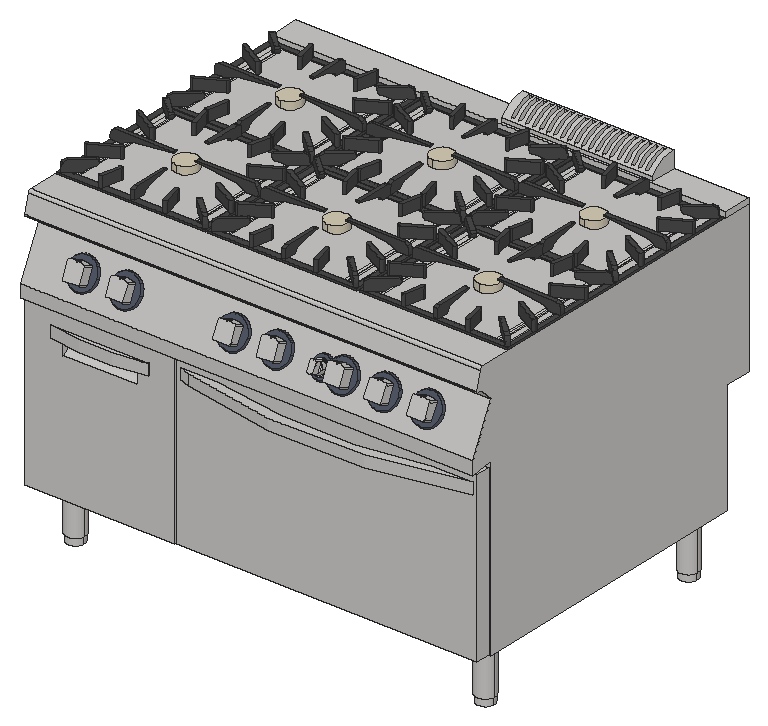
Revit family "QF_ZANUSSI_392013_Z9GCGL6S10", category Specialty Equipment, Revit 2018 (continued)
Definition of nested family "QF_392013_BURNER"
  Lines and regions (mm)
    symbolic lines
      curve 110: line (106.634, -7.524, 0) -> (117.816, -55.96, 0)
      curve 111: arc (117.816, -55.96, 0) -> (123.813, -59.708, 0) -> (127.56, -53.711, 0) r 5
  Dimensions and locks
    equal spacing: plane 3 "LEFT", plane 7 "Center Y", plane 4 "RIGHT"
    plane 3 "LEFT" to plane 4 "RIGHT" = 393.7 mm
    equal spacing: plane 5 "FRONT", plane 8 "Center X", plane 1 "BACK"
    plane 5 "FRONT" to plane 1 "BACK" = 355.6 mm
    plane 6 "TOP" to level = 908.85 mm
    plane 9 "Base" to level = 150 mm
    plane 6 "TOP" to plane 10 = 58 mm  (x2)
    locked: Extrusion 4 sketch curve to plane 7 "Center Y" at 0
    aligned and locked: level to plane 2
  Automatic sketch dimensions
    curve 10 to plane 4 "RIGHT" = 0 mm
    curve 20 to plane 7 "Center Y" = 0 mm
    curve 19 to plane 7 "Center Y" = 0 mm
    curve 9 to plane 3 "LEFT" = 0 mm
    plane 1 "BACK" to curve 2 = 0 mm
    plane 1 "BACK" to curve 3 = 0 mm
    plane 5 "FRONT" to curve 2 = 0 mm
    curve 4 to plane 4 "RIGHT" = 24.067 mm
    curve 59 to plane 4 "RIGHT" = 24.067 mm
    plane 1 "BACK" to curve 37 = 15 mm
    plane 7 "Center Y" to curve 37 = 52.075 mm
    curve 37 to curve 7 = 12.7 mm
    curve 7 to curve 35 = 6.35 mm
    plane 8 "Center X" to curve 15 = 2.35 mm
    curve 35 to curve 15 = 1.6 mm
    plane 7 "Center Y" to curve 23 = 16.236 mm
    curve 23 to curve 23 = 0 mm
    curve 23 to curve 23 = 2.56 mm
    curve 23 to curve 24 = 4.607 mm
    plane 7 "Center Y" to curve 86 = 5 mm
    plane 7 "Center Y" to curve 27 = 5 mm
    curve 22 to plane 7 "Center Y" = 8.531 mm
    curve 22 to curve 25 = 4.597 mm
    curve 25 to curve 25 = 2.194 mm  (x2)
    curve 9 to plane 8 "Center X" = 2.597 mm
    curve 17 to curve 9 = 24.626 mm
    curve 21 to curve 34 = 28.025 mm
    curve 34 to curve 6 = 6.35 mm
    plane 8 "Center X" to curve 36 = 7.403 mm
    curve 6 to curve 36 = 12.7 mm
    plane 3 "LEFT" to curve 12 = 45.799 mm
    plane 3 "LEFT" to curve 87 = 24.067 mm
    plane 3 "LEFT" to curve 5 = 24.067 mm
    plane 1 "BACK" to curve 26 = 0.794 mm
    curve 28 to curve 86 = 3.993 mm
    curve 28 to curve 21 = 3.993 mm
    curve 86 to curve 22 = 14.042 mm
    curve 22 to curve 24 = 0.81 mm
    curve 22 to curve 23 = 17.925 mm
    curve 25 to curve 22 = 3.035 mm
    plane 8 "Center X" to curve 26 = 43.244 mm
    curve 15 to curve 15 = 5.054 mm
    plane 8 "Center X" to curve 17 = 1.126 mm
    curve 94 to curve 12 = 5.286 mm
    curve 58 to plane 5 "FRONT" = 15 mm
    curve 59 to plane 5 "FRONT" = 15 mm
    curve 8 to plane 5 "FRONT" = 5.6 mm
    plane 3 "LEFT" to Extrusion 1 sketch curve = 0.709 mm
    plane 3 "LEFT" to Extrusion 1 sketch curve = 3.327 mm
    Extrusion 1 sketch curve to Extrusion 1 sketch curve = 10.201 mm
    plane 10 to Extrusion 1 sketch curve = 5 mm  (x2)
    Extrusion 1 sketch curve to Extrusion 1 sketch curve = 29.447 mm
    Extrusion 1 sketch curve to Extrusion 1 sketch curve = 12.704 mm  (x2)
    Extrusion 1 sketch curve to Extrusion 1 sketch curve = 15.555 mm  (x2)
    plane 3 "LEFT" to Extrusion 1 sketch curve = 79.689 mm
    Extrusion 1 sketch curve to plane 7 "Center Y" = 30.161 mm
    Extrusion 1 sketch curve to Extrusion 1 sketch curve = 0.167 mm  (x2)
    plane 7 "Center Y" to Extrusion 1 sketch curve = 29.994 mm
    Extrusion 1 sketch curve to plane 4 "RIGHT" = 79.689 mm
    plane 10 to Extrusion 1 sketch curve = 18.171 mm
    Extrusion 1 sketch curve to plane 4 "RIGHT" = 58.415 mm
    Extrusion 1 sketch curve to plane 4 "RIGHT" = 13.528 mm
    Extrusion 1 sketch curve to plane 4 "RIGHT" = 3.327 mm
    Extrusion 1 sketch curve to plane 4 "RIGHT" = 0.709 mm
    Extrusion 1 sketch curve to Extrusion 1 sketch curve = 23.902 mm  (x2)
    Extrusion 1 sketch curve to plane 6 "TOP" = 26.807 mm  (x2)
    Extrusion 1 sketch curve to Extrusion 1 sketch curve = 1.185 mm  (x2)
    Extrusion 1 sketch curve to Extrusion 1 sketch curve = 5.694 mm
    Extrusion 2 sketch curve to plane 1 "BACK" = 0 mm
    plane 1 "BACK" to Extrusion 2 sketch curve = 10.213 mm
    plane 10 to Extrusion 2 sketch curve = 5 mm  (x2)
    plane 1 "BACK" to Extrusion 2 sketch curve = 29.066 mm
    plane 10 to Extrusion 2 sketch curve = 20.886 mm
    Extrusion 2 sketch curve to Extrusion 2 sketch curve = 22.688 mm  (x2)
    Extrusion 2 sketch curve to plane 10 = 7.392 mm  (x2)
    Extrusion 2 sketch curve to plane 6 "TOP" = 24.425 mm
    Extrusion 2 sketch curve to Extrusion 2 sketch curve = 51.752 mm
    Extrusion 2 sketch curve to plane 6 "TOP" = 26.807 mm  (x2)
    Extrusion 2 sketch curve to Extrusion 2 sketch curve = 0.167 mm  (x2)
    Extrusion 2 sketch curve to plane 8 "Center X" = 68.528 mm
    Extrusion 2 sketch curve to plane 5 "FRONT" = 60.248 mm
    Extrusion 2 sketch curve to Extrusion 2 sketch curve = 2.895 mm
    Extrusion 2 sketch curve to plane 5 "FRONT" = 15.813 mm
    Extrusion 2 sketch curve to plane 5 "FRONT" = 5.6 mm
    Extrusion 2 sketch curve to Extrusion 2 sketch curve = 4.731 mm
    Extrusion 2 sketch curve to Extrusion 2 sketch curve = 23.844 mm
    Extrusion 2 sketch curve to Extrusion 2 sketch curve = 1.185 mm
    plane 1 "BACK" to Extrusion 3 sketch curve = 0 mm
    Extrusion 3 sketch curve to plane 3 "LEFT" = 0 mm
    plane 5 "FRONT" to Extrusion 3 sketch curve = 0 mm
    Extrusion 3 sketch curve to plane 4 "RIGHT" = 0 mm
    plane 1 "BACK" to Extrusion 3 sketch curve = 15 mm
    Extrusion 3 sketch curve to plane 5 "FRONT" = 15 mm
    plane 3 "LEFT" to Extrusion 3 sketch curve = 15 mm
    Extrusion 3 sketch curve to plane 4 "RIGHT" = 15 mm
    Extrusion 3 to Extrusion 4 sketch curve = 159.603 mm
    Extrusion 5 sketch curve to plane 10 = 0 mm
    plane 3 "LEFT" to Extrusion 5 sketch curve = 15 mm
    Extrusion 5 sketch curve to Extrusion 5 sketch curve = 14.402 mm
    plane 10 to Extrusion 5 sketch curve = 5 mm
    Extrusion 5 sketch curve to Extrusion 5 sketch curve = 15.156 mm
    plane 10 to Extrusion 5 sketch curve = 2.933 mm  (x3)
    Extrusion 5 sketch curve to Extrusion 5 sketch curve = 7.716 mm  (x2)
    Extrusion 5 sketch curve to Extrusion 5 sketch curve = 0 mm  (x3)
    Extrusion 5 sketch curve to Extrusion 5 sketch curve = 1.692 mm  (x2)
    Extrusion 5 sketch curve to Extrusion 5 sketch curve = 3.385 mm  (x2)
    Extrusion 5 sketch curve to plane 10 = 3.559 mm  (x2)
    plane 10 to Extrusion 5 sketch curve = 3.679 mm
    Extrusion 5 sketch curve to plane 4 "RIGHT" = 45.799 mm
    Extrusion 5 sketch curve to Extrusion 5 sketch curve = 1.143 mm
    Extrusion 5 sketch curve to plane 10 = 13.244 mm
    Extrusion 5 sketch curve to plane 4 "RIGHT" = 15 mm
    plane 10 to Extrusion 6 sketch curve = 5 mm  (x2)
    Extrusion 6 sketch curve to Extrusion 6 sketch curve = 2.692 mm  (x2)
    Extrusion 6 sketch curve to Extrusion 6 sketch curve = 10.213 mm  (x2)
    plane 10 to Extrusion 6 sketch curve = 12.281 mm
    Extrusion 6 sketch curve to Extrusion 6 sketch curve = 29.348 mm  (x2)
    Extrusion 6 sketch curve to Extrusion 6 sketch curve = 3.155 mm  (x2)
    Extrusion 6 sketch curve to Extrusion 6 sketch curve = 22.572 mm
    Extrusion 6 sketch curve to Extrusion 6 sketch curve = 8.81 mm
    Extrusion 6 sketch curve to Extrusion 6 sketch curve = 9.845 mm  (x2)
    Extrusion 6 sketch curve to Extrusion 6 sketch curve = 3.99 mm  (x2)
    Extrusion 6 sketch curve to Extrusion 6 sketch curve = 0 mm  (x2)
    Extrusion 6 sketch curve to Extrusion 6 sketch curve = 49.533 mm
    Extrusion 6 sketch curve to plane 10 = 64.377 mm
    Extrusion 6 sketch curve to Extrusion 6 sketch curve = 326.397 mm
    Extrusion 6 sketch curve to plane 6 "TOP" = 28.141 mm
    Extrusion 6 sketch curve to Extrusion 6 sketch curve = 16.281 mm
    Extrusion 6 sketch curve to Extrusion 6 sketch curve = 1.035 mm
    Extrusion 6 sketch curve to Extrusion 6 sketch curve = 19.417 mm
    Extrusion 6 sketch curve to Extrusion 6 sketch curve = 4.763 mm  (x2)
    Extrusion 6 sketch curve to Extrusion 6 sketch curve = 3.716 mm
    plane 10 to Extrusion 7 sketch curve = 5 mm  (x2)
    Extrusion 7 sketch curve to Extrusion 7 sketch curve = 2.692 mm  (x2)
    Extrusion 7 sketch curve to Extrusion 7 sketch curve = 10.213 mm  (x2)
    plane 10 to Extrusion 7 sketch curve = 12.281 mm
    Extrusion 7 sketch curve to Extrusion 7 sketch curve = 29.348 mm  (x2)
    Extrusion 7 sketch curve to Extrusion 7 sketch curve = 3.155 mm  (x2)
    Extrusion 7 sketch curve to Extrusion 7 sketch curve = 22.572 mm
    Extrusion 7 sketch curve to Extrusion 7 sketch curve = 8.81 mm
    Extrusion 7 sketch curve to Extrusion 7 sketch curve = 9.845 mm  (x2)
    Extrusion 7 sketch curve to Extrusion 7 sketch curve = 3.99 mm  (x2)
    Extrusion 7 sketch curve to Extrusion 7 sketch curve = 0 mm  (x2)
    Extrusion 7 sketch curve to Extrusion 7 sketch curve = 21.306 mm
    Extrusion 7 sketch curve to plane 10 = 64.377 mm  (x2)
    Extrusion 7 sketch curve to Extrusion 7 sketch curve = 326.397 mm
    Extrusion 7 sketch curve to plane 6 "TOP" = 28.141 mm
    Extrusion 7 sketch curve to Extrusion 7 sketch curve = 16.281 mm
    Extrusion 7 sketch curve to Extrusion 7 sketch curve = 1.035 mm
    Extrusion 7 sketch curve to Extrusion 7 sketch curve = 19.417 mm
    Extrusion 7 sketch curve to Extrusion 7 sketch curve = 7.281 mm
    Extrusion 7 sketch curve to Extrusion 7 sketch curve = 10.713 mm
    curve 58 to curve 12 = 72.824 mm
    curve 30 to curve 30 = 73.227 mm
    curve 58 to curve 5 = 10.263 mm
    curve 5 to curve 58 = 0 mm
    curve 59 to curve 30 = 10.263 mm
    curve 30 to curve 8 = 9.4 mm
    curve 31 to curve 32 = 0 mm
    curve 33 to curve 38 = 0 mm  (x2)
    curve 33 to curve 39 = 0 mm  (x2)
    curve 33 to curve 40 = 0 mm  (x2)
    plane 1 "BACK" to curve 41 = 0 mm
    curve 41 to plane 3 "LEFT" = 0 mm
    curve 31 to plane 7 "Center Y" = 0 mm
    curve 33 to plane 7 "Center Y" = 0 mm
    curve 41 to plane 4 "RIGHT" = 0 mm
    plane 3 "LEFT" to curve 76 = 1.326 mm
    plane 3 "LEFT" to curve 64 = 1.326 mm
    plane 3 "LEFT" to curve 44 = 2.995 mm
    plane 3 "LEFT" to curve 46 = 2.995 mm
    curve 43 to curve 43 = 2.408 mm
    curve 46 to curve 47 = 2.408 mm
    curve 47 to curve 47 = 2.408 mm
    curve 43 to curve 42 = 2.408 mm
    curve 76 to plane 5 "FRONT" = 0.514 mm
    plane 3 "LEFT" to curve 76 = 8.029 mm
    plane 1 "BACK" to curve 62 = 0.514 mm
    plane 3 "LEFT" to curve 62 = 8.029 mm
    curve 48 to curve 75 = 50.941 mm
    curve 43 to curve 63 = 50.941 mm
    curve 75 to curve 75 = 3.351 mm
    curve 63 to curve 63 = 3.351 mm
    plane 1 "BACK" to curve 62 = 52.383 mm
    curve 63 to curve 62 = 3.351 mm
    curve 74 to plane 5 "FRONT" = 52.383 mm
    curve 75 to curve 74 = 3.351 mm
    plane 3 "LEFT" to curve 46 = 65.629 mm
    plane 3 "LEFT" to curve 44 = 65.629 mm
    curve 45 to curve 45 = 2.408 mm
    curve 46 to curve 49 = 2.408 mm
    curve 49 to curve 48 = 2.408 mm
    curve 45 to curve 42 = 2.408 mm
    curve 38 to plane 8 "Center X" = 2.597 mm
    curve 38 to plane 7 "Center Y" = 51.172 mm
    curve 33 to plane 8 "Center X" = 2.597 mm
    curve 38 to curve 33 = 12.999 mm
    curve 33 to plane 7 "Center Y" = 5 mm
    curve 38 to plane 7 "Center Y" = 5 mm
    curve 31 to curve 33 = 0 mm
    plane 7 "Center Y" to curve 32 = 5 mm
    plane 7 "Center Y" to curve 40 = 5 mm
    curve 39 to curve 32 = 0 mm
    curve 39 to plane 8 "Center X" = 2.597 mm
    plane 7 "Center Y" to curve 39 = 38.172 mm
    curve 40 to plane 8 "Center X" = 2.704 mm
    curve 39 to curve 40 = 12.979 mm
    curve 50 to plane 4 "RIGHT" = 70.445 mm
    curve 57 to plane 4 "RIGHT" = 70.445 mm
    curve 50 to curve 53 = 2.408 mm
    curve 57 to curve 57 = 2.408 mm  (x2)
    curve 53 to curve 53 = 2.408 mm
    curve 71 to curve 71 = 3.351 mm
    curve 67 to curve 67 = 3.351 mm
    curve 71 to curve 69 = 3.351 mm
    curve 67 to curve 65 = 3.351 mm
    curve 60 to plane 4 "RIGHT" = 15 mm
    curve 72 to plane 5 "FRONT" = 0.514 mm
    curve 72 to plane 4 "RIGHT" = 8.029 mm
    plane 1 "BACK" to curve 68 = 0.514 mm
    curve 68 to plane 4 "RIGHT" = 8.029 mm
    curve 50 to plane 4 "RIGHT" = 7.81 mm
    curve 55 to plane 4 "RIGHT" = 7.81 mm
    curve 55 to curve 55 = 2.408 mm
    curve 50 to curve 51 = 2.408 mm
    curve 55 to plane 4 "RIGHT" = 2.995 mm
    curve 51 to plane 4 "RIGHT" = 2.995 mm
    curve 69 to plane 4 "RIGHT" = 1.326 mm
    curve 65 to plane 4 "RIGHT" = 1.326 mm
    curve 72 to plane 5 "FRONT" = 7.935 mm
    curve 60 to plane 5 "FRONT" = 20.286 mm
    curve 71 to curve 56 = 27.93 mm
    curve 73 to curve 48 = 27.93 mm
    curve 47 to curve 47 = 4.382 mm
    curve 55 to curve 55 = 4.382 mm
    curve 56 to plane 8 "Center X" = 55.651 mm
    curve 48 to plane 8 "Center X" = 55.651 mm
    curve 57 to curve 57 = 4.382 mm
    curve 49 to curve 49 = 4.382 mm
    curve 40 to plane 8 "Center X" = 44.773 mm
    curve 39 to curve 32 = 4.818 mm
    plane 8 "Center X" to curve 31 = 2.403 mm
    plane 8 "Center X" to curve 45 = 46.886 mm
    plane 8 "Center X" to curve 52 = 46.886 mm
    curve 53 to curve 53 = 4.382 mm
    curve 45 to curve 45 = 4.382 mm
    curve 53 to curve 52 = 34.416 mm
    curve 44 to curve 61 = 36.694 mm
    curve 43 to curve 43 = 4.382 mm
    curve 51 to curve 51 = 4.382 mm
    curve 51 to curve 65 = 27.93 mm
    plane 1 "BACK" to curve 83 = 20.286 mm
    plane 1 "BACK" to curve 88 = 15 mm
    plane 1 "BACK" to curve 77 = 15 mm
    curve 77 to curve 83 = 30.799 mm
    curve 78 to plane 5 "FRONT" = 15 mm
    curve 80 to curve 71 = 7.989 mm
    curve 78 to curve 60 = 30.799 mm
    curve 78 to curve 80 = 13.475 mm
    curve 55 to curve 79 = 10.979 mm
    curve 82 to curve 57 = 6.514 mm
    curve 80 to curve 78 = 0 mm
    curve 80 to curve 82 = 11.41 mm
    curve 77 to curve 66 = 37.77 mm
    curve 60 to curve 79 = 11.41 mm
    plane 8 "Center X" to curve 81 = 7.403 mm
    plane 8 "Center X" to curve 84 = 7.403 mm
    curve 82 to plane 8 "Center X" = 2.597 mm
    curve 82 to curve 84 = 0 mm
    curve 79 to plane 8 "Center X" = 2.597 mm
    curve 79 to curve 81 = 0 mm
    curve 81 to curve 51 = 10.979 mm
    curve 53 to curve 85 = 17.924 mm
    curve 84 to curve 81 = 30.799 mm
    curve 84 to curve 85 = 11.41 mm
    curve 52 to curve 84 = 19.83 mm
    curve 81 to curve 83 = 11.41 mm
    curve 67 to curve 85 = 7.989 mm
    curve 85 to curve 77 = 0 mm
    curve 85 to curve 77 = 13.475 mm
    curve 86 to curve 37 = 26.152 mm
    curve 4 to curve 86 = 10.263 mm
    curve 86 to curve 4 = 0 mm
    curve 36 to curve 21 = 26.152 mm
    curve 88 to curve 88 = 25 mm
    plane 8 "Center X" to curve 89 = 69.193 mm
    curve 43 to curve 90 = 9.597 mm
    curve 43 to curve 90 = 0.432 mm
    plane 1 "BACK" to curve 90 = 20.286 mm
    curve 93 to plane 8 "Center X" = 2.597 mm
    plane 8 "Center X" to curve 91 = 7.403 mm
    curve 95 to plane 8 "Center X" = 69.193 mm
    curve 93 to curve 94 = 28.333 mm
    curve 95 to curve 12 = 33.104 mm
    curve 21 to curve 87 = 10.263 mm
    curve 87 to curve 21 = 0 mm
    curve 91 to curve 90 = 11.41 mm
    curve 89 to curve 87 = 21.732 mm
    curve 89 to curve 92 = 11.41 mm
    curve 92 to curve 89 = 0 mm
    plane 8 "Center X" to curve 92 = 7.403 mm
    curve 91 to curve 90 = 0 mm
    curve 93 to curve 95 = 0 mm
    curve 93 to curve 95 = 11.41 mm
    curve 11 to curve 94 = 0 mm
    curve 11 to curve 94 = 11.41 mm
    curve 95 to curve 11 = 30.799 mm
    curve 95 to curve 12 = 13.475 mm
    plane 3 "LEFT" to curve 95 = 45.799 mm
    curve 95 to curve 5 = 33.104 mm
    Extrusion 8 sketch curve to Extrusion 3 = 5.275 mm  (x2)
    Extrusion 8 sketch curve to Extrusion 8 sketch curve = 1.125 mm  (x16)
    Extrusion 3 to Extrusion 8 sketch curve = 38.711 mm  (x2)
    Extrusion 8 sketch curve to Extrusion 3 = 7.19 mm  (x3)
    Extrusion 3 to Extrusion 8 sketch curve = 72.734 mm  (x2)
    Extrusion 8 sketch curve to Extrusion 8 sketch curve = 4.382 mm  (x16)
    Extrusion 8 sketch curve to Extrusion 3 = 2.995 mm  (x4)
    Extrusion 8 sketch curve to Extrusion 8 sketch curve = 34.416 mm  (x4)
    Extrusion 3 to Extrusion 8 sketch curve = 50.629 mm  (x3)
    Extrusion 8 sketch curve to Extrusion 8 sketch curve = 93.773 mm  (x2)
    Extrusion 3 to Extrusion 8 sketch curve = 40.96 mm  (x2)
    Extrusion 8 sketch curve to Extrusion 3 = 7.476 mm  (x2)
    Extrusion 8 sketch curve to Extrusion 8 sketch curve = 2.408 mm  (x4)
    Extrusion 3 to Extrusion 8 sketch curve = 91.634 mm  (x2)
    Extrusion 8 sketch curve to Extrusion 8 sketch curve = 4.872 mm  (x8)
    Extrusion 8 sketch curve to Extrusion 8 sketch curve = 11.182 mm  (x4)
    Extrusion 3 to Extrusion 8 sketch curve = 112.56 mm
    Extrusion 8 sketch curve to Extrusion 8 sketch curve = 61.931 mm
    Extrusion 3 to Extrusion 8 sketch curve = 55.445 mm
    Extrusion 8 sketch curve to Extrusion 8 sketch curve = 4.816 mm
    curve 67 to curve 85 = 19.656 mm
    curve 71 to curve 80 = 19.656 mm
    curve 99 to plane 5 "FRONT" = 7.524 mm
    curve 74 to curve 99 = 41.179 mm
    curve 98 to curve 99 = 4.872 mm
    curve 96 to plane 5 "FRONT" = 5.275 mm
    curve 99 to curve 96 = 4.872 mm
    curve 99 to curve 98 = 11.182 mm
    curve 98 to curve 97 = 4.872 mm
    curve 96 to plane 5 "FRONT" = 53.711 mm
    curve 97 to curve 96 = 4.872 mm
    curve 97 to curve 97 = 1.125 mm
    curve 103 to curve 70 = 62.105 mm
    curve 103 to curve 103 = 4.872 mm  (x2)
    curve 100 to plane 5 "FRONT" = 5.275 mm
    curve 100 to curve 100 = 11.182 mm
    curve 101 to curve 101 = 4.872 mm
    curve 102 to plane 5 "FRONT" = 7.524 mm
    curve 101 to curve 102 = 4.872 mm
    curve 100 to curve 100 = 48.436 mm
    curve 103 to curve 103 = 1.125 mm
    curve 106 to curve 67 = 62.105 mm
    curve 107 to curve 107 = 4.872 mm
    plane 1 "BACK" to curve 104 = 55.96 mm
    curve 107 to curve 104 = 4.872 mm
    plane 1 "BACK" to curve 105 = 5.275 mm
    curve 107 to curve 105 = 11.182 mm
    curve 105 to curve 105 = 4.872 mm  (x2)
    curve 107 to curve 107 = 1.125 mm
    plane 1 "BACK" to curve 104 = 7.524 mm
    plane 1 "BACK" to curve 109 = 7.524 mm
    curve 62 to curve 109 = 41.179 mm
    curve 109 to curve 109 = 4.872 mm
    plane 1 "BACK" to curve 108 = 5.275 mm
    curve 109 to curve 108 = 4.872 mm
    curve 110 to curve 111 = 11.182 mm
    curve 110 to curve 111 = 4.872 mm
    plane 1 "BACK" to curve 108 = 53.711 mm
    curve 111 to curve 108 = 4.872 mm
    curve 111 to curve 108 = 2.25 mm
    radius of Extrusion 4 sketch curve = 30 mm
